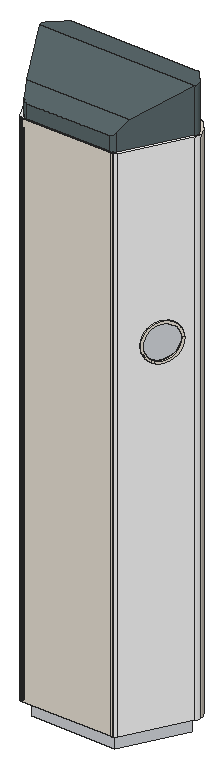
Revit family "Building-RicaricaVeicoliElettrici-GEWISS-JOINON-ION_PAVIMENTO-EV-R", category Apparecchi elettrici, Revit 2019
Family settings
  Mantenere orientamento annotazione = No
  Quota connettore circolare = Usa diametro
  Tipo di parte = Normale
  Numero OmniClass = 23.80.00.00
  Titolo OmniClass = Electric Power and Lighting
  Basato su piano di lavoro = No
  Sempre verticale = Sì
  Taglio con vuoti quando caricato = No
  Condiviso = No
  Punto di calcolo locali = Sì
Parameters (values of type "GWJ1023W100 - COL. JOINON RFID 22 KW 2XT2S+SC 3G EV-R")
  sp_y [instance] = 2300 mm
  sp_x [instance] = 1600 mm
  sp_effettivo_y [instance] = 4000 mm - sp_y  # 1700 mm
  sp_effettivo_x [instance] = 4000 mm - sp_x  # 2400 mm
  r4 = 18.00°
  r2 = 79.00°
  h2 = 1392 mm  # constant formula
  ang1 = 62.2233°
  Versione file RFA = "19.4"
  URL = "https://www.gewiss.com/it/it"
  Trattamento superficiale = ""
  Trattamento esterno = "Anti-corrosione ed anti-graffito"
  Tipologia presa = ""
  Tipologia di installazione = ""
  Tipo di protezione differenziale = "40 A - 4P - Tipo B"
  Tipo di installazione e montaggio = "A pavimento"
  Testa = Testa
  Tensione nominale di isolamento (Ui) = "400 Volt"
  Tensione nominale = "400 Volt"
  Temperatura di utilizzo = "-25 +50 °C"
  Simbolo_visibile [instance] = yes
  Riarmo protezioni da remoto = "No"
  Resistenza agli urti = "IK10"
  Protezioni = "Magnetotermico + Diff. Tipo B"
  Protezione magnetotermica = "40A - 4P - Curva D"
  Protezione differenziale = ""
  Produttore = "GEWISS S.p.A."
  Prese di ricarica (EN62196) = ""
  Potenza max. = "22 kW per socket (2,3 kW per Tipo F)"
  Potenza massima per presa = ""
  Potenza di ricarica = "22 kW + 22 kW"
  Potenza complessiva: = "44 Chilowatt"
  Personalizzabile: = "SI (frontale)"
  OUTPUT : = "-"
  Numero di prese (tipo) = "2 (Tipo 2 anti-vandalo,  con shutter) + 2 (Tipo F)"
  N. Prese Tipo 2 = "2 (+2 prese domestiche tipo F)"
  Morsettiera: = "5 x 35 mm²"
  Modo di ricarica (EN 61851) : = ""
  Modello = "GWJ1023W100"
  Materiale = "Lamiera d'acciaio"
  Lettore RFID = "Si"
  Laterali = Laterali
  Immagine tipo = ION_PAVIM.jpg
  INPUT: = "-"
  IDF = "2821c7d1-cd63-47cd-9342-b4f1b15777c0"
  Human Interface = "LED RGB e TFT Display"
  H1 = 1550 mm
  Grado di protezione = "IP54"
  Descrizione = "COL. JOINON RFID 22 KW 2XT2S+SC 3G EV-R"
  DC Leakage check = "Non necessario"
  Creato da GEWISS S.p.A. = ""
  Corrente nominale: = "64 Ampere"
  Corrente massima per presa = ""
  Corrente in ingresso = ""
  Corrente erogata (max) = "32 A per socket (10 A per Tipo F)"
  Corpo = Corpo
  Contatore di energia = "SI (Tipo MID)"
  ConnettivitÃ : = "LAN, WIFI, 4G"
  ConnettivitÃ  = ""
  Comunicazione = "Kit Ethernet e Modem 4G con antenna di potenziamento"
  Colore esterno = ""
  Colore = "Grigio, Testata RAL 7011"
  Codice Electrocod = ""
  Caratteristiche meccaniche = "-"
  COBie.Tagnumber = ""
  COBie.CreatedOn = ""
  COBie.CreatebBy = ""
  COBie.ComponentRegisterItemID = ""
  COBie.Component.TagNumber = ""
  COBie.Component.Space = ""
  COBie.Component.SerialNumber = ""
  COBie.Component.InstallationDate = ""
  COBie.Component.Description = ""
  COBie.Component.BarCode = ""
  C = "a=b"
  Bordo_simbolo_visibile [instance] = yes
  Attivazione ricarica = "Gestito da remoto, via OCPP 1.6J"
  Alimentazione (entra-esci) = ""
Types (17, lengths in mm): name | Trattamento superficiale | Tipologia presa | Tipologia di installazione | Tipo di protezione differenziale | Tensione nominale di isolamento (Ui) | Tensione nominale | Protezione magnetotermica | Protezione differenziale | Prese di ricarica (EN62196) | Potenza max. | Potenza massima per presa | Potenza di ricarica | Potenza complessiva: | Numero di prese (tipo) | N. Prese Tipo 2 | Morsettiera: | Modo di ricarica (EN 61851) : | Modello | Lettore RFID | Grado di protezione | Descrizione | Corrente nominale: | Corrente massima per presa | Corrente in ingresso | Corrente erogata (max) | Contatore di energia | ConnettivitÃ : | ConnettivitÃ  | Comunicazione | Colore esterno | Codice Electrocod | Attivazione ricarica | Alimentazione (entra-esci)
  (no name) | "Verniciatura superficiale anti-graffiti" | "Tipo 2" | "A pavimento (basamento di fissaggio già incluso in dotazione)" | "40 A - 4P - Tipo B" | "400 Volt" | "400 Volt" | "40A - 4P - Curva D" | "40A - 4P - Tipo B" | "2 x Tipo 2" | "22 kW per socket (2,3 kW per Tipo F)" | "22 kW + 22 kW" | "22 kW + 22 kW" | "44 Chilowatt" | "2 (Tipo 2 anti-vandalo,  con shutter) + 2 (Tipo F)" | "2 (+2 prese domestiche tipo F)" | "5 x 35 mm²" | "Modo 3" | "GWJ1023W100" | "Si" | "IP54" | "COL. JOINON RFID 22 KW 2XT2S+SC 3G EV-R" | "64 Ampere" | "32 A + 32 A" | "64 Ampere" | "32 A per socket (10 A per Tipo F)" | "SI (Tipo MID)" | "LAN, WIFI, 4G" | "OCPP 1.6 SOAP" | "Kit Ethernet e Modem 4G con antenna di potenziamento" | "Chassie Grigio, Cappello RAL7011" | "2242" | "Gestito da remoto, via OCPP 1.6J" | "Trifase 35 mm²"
  GWJ1001A100 - COL.JOINON AUTOSTART 7,4 kW 2xT2S EV-R | "Verniciatura superficiale anti-graffiti" | "Tipo 2" | "A pavimento (basamento di fissaggio già incluso in dotazione)" | "40 A - 2P - Tipo B" | "230 Volt" | "230 Volt" | "40A - 2P - Curva D" | "40A - 2P - Tipo B" | "2 x Tipo 2" | "7,4 kW per socket" | "7,4 kW + 7,4 kW" | "7,4 kW + 7,4 kW" | "15 Chilowatt" | "2 (Tipo 2 con shutter)" | "2" | "3 x 35 mm²" | "Modo 3" | "GWJ1001A100" | "No" | "IP55" | "COL.JOINON AUTOSTART 7,4 kW 2xT2S EV-R" | "64 Ampere" | "32 A + 32 A" | "64 Ampere" | "32 A per socket" | "No" | "No" | "" | "" | "Chassie Grigio, Cappello RAL7011" | "2242" | "Accesso Libero" | "Monofase 35 mm²"
  GWJ1002A100 - COL.JOINON AUTOSTART 11 kW 2xT2S EV-R | "Verniciatura superficiale anti-graffiti" | "" | "A pavimento (basamento di fissaggio già incluso in dotazione)" | "20 A - 4P - Tipo B" | "400 Volt" | "400 Volt" | "20A - 4P - Curva D" | "20A - 4P - Tipo B" | "2 x Tipo 2" | "11 kW per socket" | "11 kW + 11 kW" | "11 kW + 11 kW" | "22 Chilowatt" | "2 (Tipo 2 con shutter)" | "2" | "5 x 16 mm²" | "Modo 3" | "GWJ1002A100" | "No" | "IP55" | "COL.JOINON AUTOSTART 11 kW 2xT2S EV-R" | "32 Ampere" | "16 A + 16 A" | "32 Ampere" | "16 A per socket" | "No" | "No" | "" | "" | "Chassie Grigio, Cappello RAL7011" | "2242" | "Accesso Libero" | "Trifase 35 mm²"
  GWJ1003A100 - COL.JOINON AUTOSTART 22 kW 2xT2S EV-R | "Verniciatura superficiale anti-graffiti" | "" | "A pavimento (basamento di fissaggio già incluso in dotazione)" | "40 A - 4P - Tipo B" | "400 Volt" | "400 Volt" | "40A - 4P - Curva D" | "40A - 4P - Tipo B" | "2 x Tipo 2" | "22 kW per socket" | "22 kW + 22 kW" | "22 kW + 22 kW" | "44 Chilowatt" | "2 (Tipo 2 con shutter)" | "2" | "5 x 35 mm²" | "Modo 3" | "GWJ1003A100" | "No" | "IP55" | "COL.JOINON AUTOSTART 22 kW 2xT2S EV-R" | "64 Ampere" | "32 A + 32 A" | "64 Ampere" | "32 A per socket" | "No" | "No" | "" | "" | "Chassie Grigio, Cappello RAL7011" | "2242" | "Accesso Libero" | "Trifase 35 mm²"
  GWJ1001R100 - COL. JOINON RFID 7,4 kW 2xT2S EV-R | "Verniciatura superficiale anti-graffiti" | "" | "A pavimento (basamento di fissaggio già incluso in dotazione)" | "40 A - 2P - Tipo B" | "230 Volt" | "230 Volt" | "40A - 2P - Curva D" | "40A - 2P - Tipo B" | "2 x Tipo 2" | "7,4 kW per socket" | "7,4 kW + 7,4 kW" | "7,4 kW + 7,4 kW" | "15 Chilowatt" | "2 (Tipo 2 anti-vandalo,  con shutter)" | "2" | "3 x 35 mm²" | "Modo 3" | "GWJ1001R100" | "Si" | "IP55" | "COL. JOINON RFID 7,4 kW 2xT2S EV-R" | "64 Ampere" | "32 A + 32 A" | "64 Ampere" | "32 A per socket" | "SI (Tipo MID)" | "No" | "" | "" | "Chassie Grigio, Cappello RAL7011" | "2242" | "Gestito localmente, via RFID" | "Monofase 35 mm²"
  GWJ1002R100 - COL.JOINON RFID 11 kW 2xT2S EV-R | "Verniciatura superficiale anti-graffiti" | "" | "A pavimento (basamento di fissaggio già incluso in dotazione)" | "20 A - 4P - Tipo B" | "400 Volt" | "400 Volt" | "20A - 4P - Curva D" | "20A - 4P - Tipo B" | "2 x Tipo 2" | "11 kW per socket" | "11 kW + 11 kW" | "11 kW + 11 kW" | "22 Chilowatt" | "2 (Tipo 2 anti-vandalo,  con shutter)" | "2" | "5 x 16 mm²" | "Modo 3" | "GWJ1002R100" | "Si" | "IP55" | "COL.JOINON RFID 11 kW 2xT2S EV-R" | "32 Ampere" | "16 A + 16 A" | "32 Ampere" | "16 A per socket" | "SI (Tipo MID)" | "No" | "" | "" | "Chassie Grigio, Cappello RAL7011" | "2242" | "Gestito localmente, via RFID" | "Trifase 35 mm²"
  GWJ1003R100 - COL.JOINON RFID 22 kW 2xT2S EV-R | "Verniciatura superficiale anti-graffiti" | "" | "A pavimento (basamento di fissaggio già incluso in dotazione)" | "40 A - 4P - Tipo B" | "400 Volt" | "400 Volt" | "40A - 4P - Curva D" | "40A - 4P - Tipo B" | "2 x Tipo 2" | "22 kW per socket" | "22 kW + 22 kW" | "22 kW + 22 kW" | "44 Chilowatt" | "2 (Tipo 2 anti-vandalo,  con shutter)" | "2" | "5 x 35 mm²" | "Modo 3" | "GWJ1003R100" | "Si" | "IP55" | "COL.JOINON RFID 22 kW 2xT2S EV-R" | "64 Ampere" | "32 A + 32 A" | "64 Ampere" | "32 A per socket" | "SI (Tipo MID)" | "No" | "" | "" | "Chassie Grigio, Cappello RAL7011" | "2242" | "Gestito localmente, via RFID" | "Trifase 35 mm²"
  GWJ1001L100 - COL.JOINON RFID 7,4 KW 2XT2S - ETH EV-R | "Verniciatura superficiale anti-graffiti" | "" | "A pavimento (basamento di fissaggio già incluso in dotazione)" | "40 A - 2P - Tipo B" | "230 Volt" | "230 Volt" | "40A - 2P - Curva D" | "40A - 2P - Tipo B" | "2 x Tipo 2" | "7,4 kW per socket" | "7,4 kW + 7,4 kW" | "7,4 kW + 7,4 kW" | "15 Chilowatt" | "2 (Tipo 2 anti-vandalo,  con shutter)" | "2" | "3 x 35 mm²" | "Modo 3" | "GWJ1001L100" | "Si" | "IP55" | "COL.JOINON RFID 7,4 KW 2XT2S - ETH EV-R" | "64 Ampere" | "32 A + 32 A" | "64 Ampere" | "32 A per socket" | "SI (Tipo MID)" | "LAN" | "OCPP 1.6 SOAP" | "Kit Ethernet" | "Chassie Grigio, Cappello RAL7011" | "2242" | "Gestito da remoto, via OCPP 1.6J" | "Monofase 35 mm²"
  GWJ1002L100 - COL.JOINON RFID 11 KW 2XT2S - ETH EV-R | "Verniciatura superficiale anti-graffiti" | "" | "A pavimento (basamento di fissaggio già incluso in dotazione)" | "20 A - 4P - Tipo B" | "400 Volt" | "400 Volt" | "20A - 4P - Curva D" | "20A - 4P - Tipo B" | "2 x Tipo 2" | "11 kW per socket" | "11 kW + 11 kW" | "11 kW + 11 kW" | "22 Chilowatt" | "2 (Tipo 2 anti-vandalo,  con shutter)" | "2" | "5 x 16 mm²" | "Modo 3" | "GWJ1002L100" | "Si" | "IP55" | "COL.JOINON RFID 11 KW 2XT2S - ETH EV-R" | "32 Ampere" | "16 A + 16 A" | "32 Ampere" | "16 A per socket" | "SI (Tipo MID)" | "LAN" | "OCPP 1.6 SOAP" | "Kit Ethernet" | "Chassie Grigio, Cappello RAL7011" | "2242" | "Gestito da remoto, via OCPP 1.6J" | "Trifase 35 mm²"
  GWJ1003L100 - COL.JOINON RFID 22 KW 2XT2S - ETH EV-R | "Verniciatura superficiale anti-graffiti" | "" | "A pavimento (basamento di fissaggio già incluso in dotazione)" | "40 A - 4P - Tipo B" | "400 Volt" | "400 Volt" | "40A - 4P - Curva D" | "40A - 4P - Tipo B" | "2 x Tipo 2" | "22 kW per socket" | "22 kW + 22 kW" | "22 kW + 22 kW" | "44 Chilowatt" | "2 (Tipo 2 anti-vandalo,  con shutter)" | "2" | "5 x 35 mm²" | "Modo 3" | "GWJ1003L100" | "Si" | "IP55" | "COL.JOINON RFID 22 KW 2XT2S - ETH EV-R" | "64 Ampere" | "32 A + 32 A" | "64 Ampere" | "32 A per socket" | "SI (Tipo MID)" | "LAN" | "OCPP 1.6 SOAP" | "Kit Ethernet" | "Chassie Grigio, Cappello RAL7011" | "2242" | "Gestito da remoto, via OCPP 1.6J" | "Trifase 35 mm²"
  GWJ1001W100 - COL.JOINON RFID 7,4 KW 2XT2S - 3G EV-R | "Verniciatura superficiale anti-graffiti" | "" | "A pavimento (basamento di fissaggio già incluso in dotazione)" | "40 A - 2P - Tipo B" | "230 Volt" | "230 Volt" | "40A - 2P - Curva D" | "40A - 2P - Tipo B" | "2 x Tipo 2" | "7,4 kW per socket" | "7,4 kW + 7,4 kW" | "7,4 kW + 7,4 kW" | "15 Chilowatt" | "2 (Tipo 2 anti-vandalo,  con shutter)" | "2" | "3 x 35 mm²" | "Modo 3" | "GWJ1001W100" | "Si" | "IP55" | "COL.JOINON RFID 7,4 KW 2XT2S - 3G EV-R" | "64 Ampere" | "32 A + 32 A" | "64 Ampere" | "32 A per socket" | "SI (Tipo MID)" | "LAN, WIFI, 4G" | "OCPP 1.6 SOAP" | "Kit Ethernet e Modem 4G con antenna di potenziamento" | "Chassie Grigio, Cappello RAL7011" | "2242" | "Gestito da remoto, via OCPP 1.6J" | "Monofase 35 mm²"
  GWJ1002W100 - COL.JOINON RFID 11 KW 2XT2S - 3G EV-R | "Verniciatura superficiale anti-graffiti" | "" | "A pavimento (basamento di fissaggio già incluso in dotazione)" | "20 A - 4P - Tipo B" | "400 Volt" | "400 Volt" | "20A - 4P - Curva D" | "20A - 4P - Tipo B" | "2 x Tipo 2" | "11 kW per socket" | "11 kW + 11 kW" | "11 kW + 11 kW" | "22 Chilowatt" | "2 (Tipo 2 anti-vandalo,  con shutter)" | "2" | "5 x 16 mm²" | "Modo 3" | "GWJ1002W100" | "Si" | "IP55" | "COL.JOINON RFID 11 KW 2XT2S - 3G EV-R" | "32 Ampere" | "16 A + 16 A" | "32 Ampere" | "16 A per socket" | "SI (Tipo MID)" | "LAN, WIFI, 4G" | "OCPP 1.6 SOAP" | "Kit Ethernet e Modem 4G con antenna di potenziamento" | "Chassie Grigio, Cappello RAL7011" | "2242" | "Gestito da remoto, via OCPP 1.6J" | "Trifase 35 mm²"
  GWJ1003W100 - COL.JOINON RFID 22 KW 2XT2S - 3G EV-R | "Verniciatura superficiale anti-graffiti" | "" | "A pavimento (basamento di fissaggio già incluso in dotazione)" | "40 A - 4P - Tipo B" | "400 Volt" | "400 Volt" | "40A - 4P - Curva D" | "40A - 4P - Tipo B" | "2 x Tipo 2" | "22 kW per socket" | "22 kW + 22 kW" | "22 kW + 22 kW" | "44 Chilowatt" | "2 (Tipo 2 anti-vandalo,  con shutter)" | "2" | "5 x 35 mm²" | "Modo 3" | "GWJ1003W100" | "Si" | "IP55" | "COL.JOINON RFID 22 KW 2XT2S - 3G EV-R" | "64 Ampere" | "32 A + 32 A" | "64 Ampere" | "32 A per socket" | "SI (Tipo MID)" | "LAN, WIFI, 4G" | "OCPP 1.6 SOAP" | "Kit Ethernet e Modem 4G con antenna di potenziamento" | "Chassie Grigio, Cappello RAL7011" | "2242" | "Gestito da remoto, via OCPP 1.6J" | "Trifase 35 mm²"
  GWJ1021R100 - COL. JOINON RFID 7,4 kW 2xT2S+SC EV-R | "" | "" | "" | "40 A - 2P - Tipo B" | "230 Volt" | "230 Volt" | "40A - 2P - Curva D" | "" | "" | "7,4 kW per socket (2,3 kW per Tipo F)" | "" | "7,4 kW + 7,4 kW" | "15 Chilowatt" | "2 (Tipo 2 anti-vandalo,  con shutter) + 2 (Tipo F)" | "2 (+2 prese domestiche tipo F)" | "3 x 35 mm²" | "" | "GWJ1021R100" | "Si" | "IP54" | "COL. JOINON RFID 7,4 kW 2xT2S+SC EV-R" | "64 Ampere" | "" | "" | "32 A per socket (10 A per Tipo F)" | "SI (Tipo MID)" | "No" | "" | "" | "" | "" | "Gestito localmente, via RFID" | ""
  GWJ1023R100 - COL. JOINON RFID 22 kW 2xT2S+SC EV-R | "" | "" | "" | "40 A - 4P - Tipo B" | "400 Volt" | "400 Volt" | "40A - 4P - Curva D" | "" | "" | "22 kW per socket (2,3 kW per Tipo F)" | "" | "22 kW + 22 kW" | "44 Chilowatt" | "2 (Tipo 2 anti-vandalo,  con shutter) + 2 (Tipo F)" | "2 (+2 prese domestiche tipo F)" | "5 x 35 mm²" | "" | "GWJ1023R100" | "Si" | "IP54" | "COL. JOINON RFID 22 kW 2xT2S+SC EV-R" | "64 Ampere" | "" | "" | "32 A per socket (10 A per Tipo F)" | "SI (Tipo MID)" | "No" | "" | "" | "" | "" | "Gestito localmente, via RFID" | ""
  GWJ1021W100 - COL. JOINON RFID 7,4 KW 2XT2S+SC-3G EV-R | "" | "" | "" | "40 A - 2P - Tipo B" | "230 Volt" | "230 Volt" | "40A - 2P - Curva D" | "" | "" | "7,4 kW per socket (2,3 kW per Tipo F)" | "" | "7,4 kW + 7,4 kW" | "15 Chilowatt" | "2 (Tipo 2 anti-vandalo,  con shutter) + 2 (Tipo F)" | "2 (+2 prese domestiche tipo F)" | "3 x 35 mm²" | "" | "GWJ1021W100" | "Si" | "IP54" | "COL. JOINON RFID 7,4 KW 2XT2S+SC-3G EV-R" | "64 Ampere" | "" | "" | "32 A per socket (10 A per Tipo F)" | "SI (Tipo MID)" | "LAN, WIFI, 4G" | "" | "Kit Ethernet e Modem 4G con antenna di potenziamento" | "" | "" | "Gestito da remoto, via OCPP 1.6J" | ""
  GWJ1023W100 - COL. JOINON RFID 22 KW 2XT2S+SC 3G EV-R | "" | "" | "" | "40 A - 4P - Tipo B" | "400 Volt" | "400 Volt" | "40A - 4P - Curva D" | "" | "" | "22 kW per socket (2,3 kW per Tipo F)" | "" | "22 kW + 22 kW" | "44 Chilowatt" | "2 (Tipo 2 anti-vandalo,  con shutter) + 2 (Tipo F)" | "2 (+2 prese domestiche tipo F)" | "5 x 35 mm²" | "" | "GWJ1023W100" | "Si" | "IP54" | "COL. JOINON RFID 22 KW 2XT2S+SC 3G EV-R" | "64 Ampere" | "" | "" | "32 A per socket (10 A per Tipo F)" | "SI (Tipo MID)" | "LAN, WIFI, 4G" | "" | "Kit Ethernet e Modem 4G con antenna di potenziamento" | "" | "" | "Gestito da remoto, via OCPP 1.6J" | ""
Reference planes
  plane 1 "Centro (Fronte/Retro)": y = 0
  plane 2: z = 0
  plane 3 "Centro (Sinistra/Destra)": x = 0
  plane 4: y = 88.499
  plane 5: through (187.624, 77.783, 1200) normal (0.766, 0.6428, 0)
  plane 6 "aaa": through (149.207, -98.517, 1200) normal (-0.8848, 0.466, 0)
  plane 7: y = -136.942
  plane 8: through (93.796, -186.551, 1200) normal (-0.8848, 0.466, 0)
  plane 9: through (126.742, 137.893, 1200) normal (0.766, 0.6428, 0)
  plane 10: y = 80.499
  plane 11: through (-136.146, -121.454, 1200) normal (-0.8814, -0.4723, 0)
  plane 12: through (-129.095, -117.675, 1200) normal (-0.8814, -0.4723, 0)
  plane 13: y = -136.942
  plane 14: through (-187.339, 77.783, 1200) normal (0.766, -0.6428, 0)
  plane 15: through (-106.81, 161.308, 1200) normal (0.766, -0.6428, 0)
  plane 16: through (-94.553, 151.023, 1200) normal (0.766, -0.6428, 0)
  plane 17: y = 64.499
  plane 18: through (-56.197, -219.844, 1200) normal (-0.8814, -0.4723, 0)
  plane 19: y = -120.942
  plane 20: through (79.64, -179.095, 1200) normal (-0.8848, 0.466, 0)
  plane 21: through (114.485, 127.609, 1200) normal (0.766, 0.6428, 0)
  plane 22: z = 41
  plane 23: through (0, 64.499, 1353.022) normal (0, 0.1866, -0.9824)
  plane 24: z = 1433
  plane 25: z = 1550
  plane 26: x = -216.624
  plane 27: x = 212.265
  plane 28: z = 964
  plane 29: y = -47.527
  plane 30: through (26.919, -19.885, 1200) normal (-0.8848, 0.466, 0)
  plane 31: x = -2400
  plane 32: x = 0
  plane 33: y = 0
  plane 34: y = -1700
  plane 35: through (-365.806, -4572, 246.412) normal (-0.9925, 0, 0.1219)
  plane 36: through (208.523, -4572, 1550) normal (0.9816, 0, 0.1908)
Forms (mm)
  Extrusion 1, solid, material "Corpo" <- "Corpo"
    sketch origin (0, 0, 0) x (1, 0, 0) y (0, 1, 0)
      loop
        arc (-164.358, 88.499) -> (-177.036, 85.688) -> (-187.339, 77.783) r 30
        line (-187.339, 77.783) -> (-211.243, 49.296)
        arc (-211.243, 49.296) -> (-214.96, 43.1) -> (-216.572, 36.056) r 23
        line (-216.572, 36.056) -> (-208.544, 36.056)
        arc (-208.544, 36.056) -> (-207.436, 40.362) -> (-205.114, 44.154) r 15
        line (-205.114, 44.154) -> (-181.211, 72.64)
        arc (-181.211, 72.64) -> (-173.655, 78.438) -> (-164.358, 80.499) r 22
        line (-164.358, 80.499) -> (167.173, 80.499)
        arc (167.173, 80.499) -> (174.177, 78.946) -> (179.868, 74.58) r 16.572
        line (179.868, 74.58) -> (205.886, 43.573)
        arc (205.886, 43.573) -> (207.886, 40.313) -> (208.849, 36.612) r 12.979
        line (208.849, 36.612) -> (215.413, 36.612)
        arc (215.413, 36.612) -> (213.395, 45.008) -> (208.925, 52.397) r 28.134
        line (208.925, 52.397) -> (187.882, 77.474)
        arc (187.882, 77.474) -> (177.283, 85.608) -> (164.24, 88.499) r 30.863
        line (164.24, 88.499) -> (-164.358, 88.499)
      loop
        arc (-113.738, -136.942) -> (-115.978, -136.638) -> (-118.056, -135.749) r 8.406
        line (-118.056, -135.749) -> (-121.637, -141.73)
        arc (-121.637, -141.73) -> (-119.495, -142.307) -> (-117.286, -142.501) r 12.666
        line (-117.286, -142.501) -> (117.916, -142.501)
        arc (117.916, -142.501) -> (120.37, -142.275) -> (122.741, -141.606) r 13.462
        line (122.741, -141.606) -> (119.581, -136.371)
        arc (119.581, -136.371) -> (118.593, -136.797) -> (117.527, -136.942) r 3.975
        line (117.527, -136.942) -> (-113.738, -136.942)
    from 41 to 1433
  Extrusion 2, solid
    sketch origin (0, 0, 0) x (1, 0, 0) y (0, 1, 0)
      loop
        line (-167.156, 64.499) -> (-192.422, 34.387) -> (-109.192, -120.942) -> (110.27, -120.942) -> (192.325, 34.843) -> (167.44, 64.499) -> (-167.156, 64.499)
    from 0 to 41
  Extrusion 3, solid, material "Testa" <- "Testa"
    sketch origin (0, 0, 0) x (1, 0, 0) y (0, 1, 0)
      loop
        line (-179.113, 75.141) -> (-205.114, 44.154)
        arc (-205.114, 44.154) -> (-208.544, 36.056) -> (-206.845, 27.427) r 15
        line (-206.845, 27.427) -> (-123.012, -129.027)
        arc (-123.012, -129.027) -> (-117.496, -134.812) -> (-109.791, -136.942) r 15
        line (-109.791, -136.942) -> (110.873, -136.942)
        arc (110.873, -136.942) -> (118.624, -134.785) -> (124.145, -128.933) r 15
        line (124.145, -128.933) -> (206.794, 27.98)
        arc (206.794, 27.98) -> (208.437, 36.568) -> (205.013, 44.613) r 15
        line (205.013, 44.613) -> (179.397, 75.141)
        arc (179.397, 75.141) -> (174.246, 79.094) -> (167.906, 80.499) r 15
        line (167.906, 80.499) -> (-167.622, 80.499)
        arc (-167.622, 80.499) -> (-173.961, 79.094) -> (-179.113, 75.141) r 15
    from 1433 to 1550
  Extrusion 4, void
    sketch origin (0, 0, 0) x (0, 1, 0) y (0, 0, 1)
      loop
        line (27.427, 1550) -> (-136.942, 1550) -> (-136.942, 1469.305) -> (-104.13, 1502.117) -> (27.427, 1550)
    from -216.624 to 212.265
  Extrusion 5, void
    sketch origin (157.424, -82.918, 0) x (-0.466026, -0.884771, 0) y (0, 0, 1)
      loop
        circle (-39.951, 964) r 45
    from 0 to 46.672
  Extrusion 6, solid, material "Corpo" <- "Corpo"
    sketch origin (157.424, -82.918, 0) x (-0.466026, -0.884771, 0) y (0, 0, 1)
      loop
        circle (-39.951, 964) r 45
      loop
        circle (-39.951, 964) r 50
    from -8.324 to 144.842
  Extrusion 7, solid
    sketch origin (157.424, -82.918, 0) x (-0.466026, -0.884771, 0) y (0, 0, 1)
      loop
        circle (-39.951, 964) r 45
    from 0 to 144.842
  Extrusion 8, solid, material "Laterali" <- "Laterali"
    sketch origin (0, 0, 0) x (1, 0, 0) y (0, 1, 0)
      loop
        line (129.826, -135.313) -> (212.265, 21.201)
        arc (212.265, 21.201) -> (214.938, 28.682) -> (215.413, 36.612) r 28.134
        line (215.413, 36.612) -> (208.849, 36.612)
        arc (208.849, 36.612) -> (208.691, 32.791) -> (207.427, 29.181) r 12.979
        line (207.427, 29.181) -> (121.044, -134.82)
        arc (121.044, -134.82) -> (120.418, -135.695) -> (119.581, -136.371) r 3.975
        line (119.581, -136.371) -> (122.741, -141.606)
        arc (122.741, -141.606) -> (126.856, -139.104) -> (129.826, -135.313) r 13.462
    from 41 to 1433
  Extrusion 9, solid, material "Laterali" <- "Laterali"
    sketch origin (0, 0, 0) x (1, 0, 0) y (0, 1, 0)
      loop
        arc (-128.45, -135.817) -> (-125.588, -139.401) -> (-121.637, -141.73) r 12.666
        line (-121.637, -141.73) -> (-118.056, -135.749)
        arc (-118.056, -135.749) -> (-119.822, -134.337) -> (-121.148, -132.506) r 8.406
        line (-121.148, -132.506) -> (-206.845, 27.427)
        arc (-206.845, 27.427) -> (-208.341, 31.614) -> (-208.544, 36.056) r 15
        line (-208.544, 36.056) -> (-216.572, 36.056)
        arc (-216.572, 36.056) -> (-216.107, 29.664) -> (-213.897, 23.649) r 23
        line (-213.897, 23.649) -> (-128.45, -135.817)
    from 41 to 1433
  Extrusion 10, void
    sketch origin (-157.424, -82.918, 0) x (0.466026, -0.884771, 0) y (0, 0, -1)
      loop
        circle (-39.951, -964) r 45
    from 0 to 46.672
  Extrusion 11, solid
    sketch origin (-157.424, -82.918, 0) x (0.466026, -0.884771, 0) y (0, 0, -1)
      loop
        circle (-39.951, -964) r 45
      loop
        circle (-39.951, -964) r 50
    from -8.324 to 144.842
Cuts and joins
  Extrusion 4, Extrusion 5, Extrusion 10 cuts Extrusion 1
  Extrusion 10 cuts Extrusion 6
  joined: Extrusion 1, Extrusion 6
  Extrusion 4 cuts Extrusion 3
  Extrusion 5, Extrusion 10 cuts Extrusion 8
  Extrusion 10 cuts Extrusion 7
  Extrusion 10 cuts Extrusion 11
Lines and regions (mm)
  symbolic lines
    curve 1: line (0, -2584.937, -29.02) -> (0, -2434.937, -29.02)
    curve 2: line (0, -136.942, 1453) -> (0, -136.942, 1433)
  model lines
    curve 3: line (138.783, -118.309, 1358.658) -> (213.347, 23.254, 1393)
    curve 4: line (213.347, 23.254, 1393) -> (213.347, 23.254, 73)
    curve 5: line (213.347, 23.254, 73) -> (138.783, -118.309, 73)
    curve 6: line (138.783, -118.309, 73) -> (138.783, -118.309, 1358.658)
    curve 7: line (-138.783, -118.309, 1358.658) -> (-213.347, 23.254, 1393)
    curve 8: line (-213.347, 23.254, 1393) -> (-213.347, 23.254, 73)
    curve 9: line (-213.347, 23.254, 73) -> (-138.783, -118.309, 73)
    curve 10: line (-138.783, -118.309, 73) -> (-138.783, -118.309, 1358.658)
Text (mm)
  text "axb=c" at (178.989, -154.629, 0), in view "Livello rif."
Dimensions and locks
  locked: plane 4 to plane 10 at 8
  plane 5 to plane 9 = 8 mm
  locked: plane 8 to plane 6 "aaa" at 8
  locked: plane 11 to plane 12 at 8
  locked: plane 15 to plane 14 at 8
  plane 11 to plane 12 = 8 mm
  locked: plane 22 to plane 2 at 41
  plane 25 to plane 2 = 1550 mm
  "h2": plane 24 to plane 22
  plane 31 to plane 3 "Centro (Sinistra/Destra)" = 2400 mm
  "sp_effettivo_x": plane 31 to plane 32
  "sp_effettivo_y": plane 33 to plane 34
  plane 1 "Centro (Fronte/Retro)" to plane 34 = 1700 mm
  radius of Extrusion 3 sketch curve = 15 mm  (x6)
  angle plane 16 to plane 3 "Centro (Sinistra/Destra)" = 40.00°
  "ang1": angle plane 29 to plane 30
  angle plane 16 to plane 18 = 68.1837°
  "r4": angle plane 35 to plane 36
  angle plane 35 to plane 32 = 7.00°
  "r2": angle plane 36 to plane 24
  aligned and locked: level to plane 2
  aligned and locked: plane 15 to Extrusion 1
  aligned and locked: plane 7 to Extrusion 1
  aligned and locked: plane 9 to Extrusion 1
  aligned and locked: plane 22 to Extrusion 2
  aligned and locked: Extrusion 1 to plane 22
  aligned and locked: plane 24 to Extrusion 1
  aligned and locked: Extrusion 3 to plane 24
  aligned and locked: plane 25 to Extrusion 3
  aligned and locked: Extrusion 4 to plane 27
  aligned and locked: plane 26 to Extrusion 4
  aligned and locked: plane 28 to Extrusion 5 sketch curve
  aligned and locked: plane 30 to cut or joined group of Extrusion 1, Extrusion 4, Extrusion 5, Extrusion 6, Extrusion 10
  aligned and locked: cut or joined group of Extrusion 1, Extrusion 4, Extrusion 5, Extrusion 6, Extrusion 10 to Extrusion 7
  aligned and locked: Extrusion 9 to curve 2
  aligned and locked: Extrusion 9 to Extrusion 2
  aligned and locked: Extrusion 8 to Extrusion 2
  aligned and locked: nested 1 to plane 32
  aligned and locked: plane 33 to nested 1
Automatic sketch dimensions
  curve 2 to plane 7 = 0 mm
  curve 1 to level = 29.02 mm
  curve 1 to plane 7 = 2297.995 mm
  curve 1 to curve 1 = 150 mm
  curve 2 to curve 2 = 20 mm
  Extrusion 1 sketch curve to Extrusion 1 sketch curve = 0 mm  (x4)
  plane 14 to Extrusion 1 sketch curve = 0 mm  (x2)
  plane 15 to Extrusion 1 sketch curve = 0 mm  (x2)
  Extrusion 1 sketch curve to plane 10 = 0 mm
  Extrusion 1 sketch curve to plane 7 = 0 mm
  Extrusion 1 sketch curve to plane 9 = 0 mm  (x2)
  Extrusion 1 sketch curve to plane 5 = 0 mm  (x2)
  Extrusion 1 sketch curve to plane 26 = 0.052 mm
  Extrusion 1 sketch curve to plane 26 = 5.381 mm
  Extrusion 1 sketch curve to Extrusion 1 sketch curve = 8.028 mm
  Extrusion 1 sketch curve to Extrusion 1 sketch curve = 6.128 mm
  Extrusion 1 sketch curve to Extrusion 1 sketch curve = 11.491 mm
  Extrusion 1 sketch curve to plane 10 = 2.716 mm
  Extrusion 1 sketch curve to plane 10 = 7.859 mm
  Extrusion 1 sketch curve to Extrusion 1 sketch curve = 16.853 mm
  Extrusion 1 sketch curve to plane 7 = 4.788 mm
  Extrusion 1 sketch curve to plane 26 = 94.986 mm
  plane 7 to Extrusion 1 sketch curve = 1.194 mm
  Extrusion 1 sketch curve to Extrusion 1 sketch curve = 3.581 mm
  Extrusion 1 sketch curve to Extrusion 1 sketch curve = 4.351 mm
  Extrusion 1 sketch curve to Extrusion 1 sketch curve = 3.548 mm
  plane 27 to Extrusion 1 sketch curve = 94.738 mm
  Extrusion 1 sketch curve to Extrusion 1 sketch curve = 0.389 mm
  plane 7 to Extrusion 1 sketch curve = 0.572 mm
  Extrusion 1 sketch curve to Extrusion 1 sketch curve = 2.054 mm
  Extrusion 1 sketch curve to plane 7 = 4.664 mm
  Extrusion 1 sketch curve to Extrusion 1 sketch curve = 4.825 mm
  Extrusion 1 sketch curve to plane 17 = 6.863 mm
  Extrusion 1 sketch curve to plane 17 = 0.572 mm
  Extrusion 1 sketch curve to plane 10 = 5.92 mm
  plane 27 to Extrusion 1 sketch curve = 24.892 mm
  Extrusion 1 sketch curve to plane 10 = 3.025 mm
  Extrusion 1 sketch curve to Extrusion 1 sketch curve = 8.57 mm
  plane 27 to Extrusion 1 sketch curve = 6.379 mm
  plane 27 to Extrusion 1 sketch curve = 3.417 mm
  plane 27 to Extrusion 1 sketch curve = 3.34 mm
  Extrusion 1 sketch curve to plane 27 = 3.148 mm
  Extrusion 1 sketch curve to Extrusion 1 sketch curve = 0.894 mm
  Extrusion 1 sketch curve to Extrusion 1 sketch curve = 9.261 mm
  plane 16 to Extrusion 2 sketch curve = 0 mm  (x2)
  plane 18 to Extrusion 2 sketch curve = 0 mm  (x2)
  Extrusion 2 sketch curve to plane 17 = 0 mm
  Extrusion 2 sketch curve to plane 19 = 0 mm
  Extrusion 2 sketch curve to plane 20 = 0 mm  (x2)
  Extrusion 2 sketch curve to plane 21 = 0 mm  (x2)
  plane 12 to Extrusion 3 sketch curve = 0 mm  (x2)
  plane 15 to Extrusion 3 sketch curve = 0 mm  (x2)
  Extrusion 3 sketch curve to plane 10 = 0 mm
  Extrusion 3 sketch curve to plane 7 = 0 mm
  Extrusion 3 sketch curve to plane 8 = 0 mm  (x2)
  Extrusion 3 sketch curve to plane 9 = 0 mm  (x2)
  Extrusion 3 sketch curve to plane 26 = 11.509 mm
  Extrusion 3 sketch curve to plane 26 = 9.778 mm
  Extrusion 3 sketch curve to plane 10 = 5.358 mm  (x2)
  plane 7 to Extrusion 3 sketch curve = 7.915 mm
  Extrusion 3 sketch curve to plane 19 = 7.99 mm
  plane 27 to Extrusion 3 sketch curve = 7.252 mm
  plane 27 to Extrusion 3 sketch curve = 5.471 mm
  Extrusion 4 sketch curve to plane 7 = 0 mm
  Extrusion 4 sketch curve to plane 25 = 0 mm
  plane 19 to Extrusion 4 sketch curve = 16.813 mm
  Extrusion 4 sketch curve to plane 1 "Centro (Fronte/Retro)" = 27.427 mm
  Extrusion 4 sketch curve to plane 25 = 47.883 mm
  plane 24 to Extrusion 4 sketch curve = 36.305 mm
  curve 3 to plane 24 = 40 mm
  plane 22 to curve 5 = 32 mm
  curve 4 to curve 5 = 160 mm
  curve 6 to plane 24 = 74.342 mm
  curve 7 to plane 24 = 40 mm
  plane 22 to curve 9 = 32 mm
  curve 8 to curve 9 = 160 mm
  curve 10 to plane 24 = 74.342 mm
  Extrusion 6 sketch curve to Extrusion 6 sketch curve = 0 mm  (x12)
  plane 28 to Extrusion 6 sketch curve = 0 mm
  Extrusion 6 sketch curve to Extrusion 6 sketch curve = 45 mm
  Extrusion 6 sketch curve to Extrusion 6 sketch curve = 5 mm
  Extrusion 7 sketch curve to Extrusion 7 sketch curve = 0 mm  (x2)
  plane 28 to Extrusion 7 sketch curve = 0 mm
  Extrusion 7 sketch curve to Extrusion 7 sketch curve = 45 mm
  Extrusion 8 sketch curve to plane 8 = 0 mm  (x2)
  Extrusion 8 sketch curve to plane 6 "aaa" = 0 mm  (x2)
  Extrusion 8 sketch curve to plane 27 = 0 mm
  plane 27 to Extrusion 8 sketch curve = 3.417 mm
  plane 27 to Extrusion 8 sketch curve = 4.838 mm
  Extrusion 8 sketch curve to Extrusion 8 sketch curve = 11.484 mm
  Extrusion 8 sketch curve to Extrusion 8 sketch curve = 8.57 mm
  plane 7 to Extrusion 8 sketch curve = 1.63 mm
  Extrusion 8 sketch curve to plane 7 = 4.664 mm
  Extrusion 8 sketch curve to Extrusion 8 sketch curve = 7.085 mm
  plane 7 to Extrusion 8 sketch curve = 2.122 mm
  plane 7 to Extrusion 8 sketch curve = 0.572 mm
  Extrusion 8 sketch curve to Extrusion 8 sketch curve = 1.463 mm
  Extrusion 8 sketch curve to Extrusion 8 sketch curve = 3.128 mm
  Extrusion 8 sketch curve to Extrusion 8 sketch curve = 0.389 mm
  Extrusion 8 sketch curve to plane 27 = 3.148 mm
  Extrusion 8 sketch curve to Extrusion 8 sketch curve = 5.131 mm
  Extrusion 9 sketch curve to Extrusion 9 sketch curve = 0 mm  (x2)
  plane 11 to Extrusion 9 sketch curve = 0 mm  (x2)
  plane 12 to Extrusion 9 sketch curve = 0 mm  (x2)
  Extrusion 9 sketch curve to plane 26 = 0.052 mm
  Extrusion 9 sketch curve to plane 26 = 2.727 mm
  Extrusion 9 sketch curve to Extrusion 9 sketch curve = 8.028 mm
  Extrusion 9 sketch curve to Extrusion 9 sketch curve = 7.052 mm
  Extrusion 9 sketch curve to Extrusion 9 sketch curve = 14.92 mm
  plane 7 to Extrusion 9 sketch curve = 1.125 mm
  Extrusion 9 sketch curve to plane 7 = 4.788 mm
  Extrusion 9 sketch curve to Extrusion 9 sketch curve = 6.813 mm
  plane 7 to Extrusion 9 sketch curve = 4.436 mm
  plane 7 to Extrusion 9 sketch curve = 1.194 mm
  Extrusion 9 sketch curve to Extrusion 9 sketch curve = 3.092 mm
  Extrusion 9 sketch curve to Extrusion 9 sketch curve = 3.862 mm
  Extrusion 9 sketch curve to Extrusion 9 sketch curve = 3.548 mm
  plane 28 to Extrusion 10 sketch curve = 0 mm
  Extrusion 11 sketch curve to Extrusion 11 sketch curve = 0 mm  (x12)
  plane 28 to Extrusion 11 sketch curve = 0 mm
  Extrusion 11 sketch curve to Extrusion 11 sketch curve = 45 mm
  Extrusion 11 sketch curve to Extrusion 11 sketch curve = 5 mm
  radius of Extrusion 5 sketch curve = 45 mm
  radius of Extrusion 10 sketch curve = 45 mm
Nested families
  nested 1: "simb_torretta" at (0, -125, 0), Bordo simbolo <- "Bordo_simbolo_visibile", Visibilita' simbolo <- "Simbolo_visibile", type "simb_torretta"
Connectors
  electrical at (176.042, -47.571, 964)
    settings: on cut or joined group of Extrusion 5, Extrusion 8, Extrusion 10, index 1, voltage 0 V, apparent load 0 VA, apparent load phase1 0 VA, apparent load phase2 0 VA, apparent load phase3 0 VA, power factor 1, load classification "Altro", number of poles 1, system type 31, power factor state 1, is connector primary yes, connector utility no, sub classification motor no, connector description ""
Definition of nested family "simb_torretta"
  Parameters (values of type "simb_torretta")
    Visibilita' simbolo [instance] = yes
    Bordo simbolo [instance] = yes
  Reference planes
    plane 1 "Centro (Fronte/Retro)": y = 0
    plane 2: z = 0
    plane 3 "Centro (Sinistra/Destra)": x = 0
  Lines and regions (mm)
    detail lines, in view "Livello rif.", visible <- "Bordo simbolo"
      curve 1: line (-96.5, 250, 0) -> (101.5, 250, 0)
      curve 2: line (101.5, 250, 0) -> (101.5, 0, 0)
      curve 3: line (101.5, 0, 0) -> (-96.5, 0, 0)
      curve 4: line (-96.5, 0, 0) -> (-96.5, 250, 0)
      curve 5: line (101.5, 125, 0) -> (91.744, 125, 0)
      curve 6: line (-79.833, 125, 0) -> (-96.5, 125, 0)
    detail lines, in view "Livello rif.", visible <- "Visibilita' simbolo"
      curve 7: line (63.369, 20.256, 0) -> (63.369, 0, 0)
      curve 9: line (-63.369, 20.256, 0) -> (63.369, 20.256, 0)
      curve 10: line (49.772, 20.256, 0) -> (49.772, 185.328, 0)
      curve 11: line (38.072, 197.028, 0) -> (-41.162, 197.028, 0)
      curve 12: line (-52.903, 185.287, 0) -> (-52.903, 20.256, 0)
      curve 13: line (31.542, 136.002, 0) -> (31.542, 177.347, 0)
      curve 14: line (31.542, 177.347, 0) -> (-34.673, 177.347, 0)
      curve 15: line (-34.673, 177.347, 0) -> (-34.673, 136.002, 0)
      curve 16: line (-34.673, 136.002, 0) -> (31.542, 136.002, 0)
      curve 17: line (84.479, 146.299, 0) -> (84.479, 42.731, 0)
      curve 18: line (66.859, 42.731, 0) -> (66.859, 121.971, 0)
      curve 19: line (66.859, 121.971, 0) -> (64.275, 127.282, 0)
      curve 20: line (64.275, 127.282, 0) -> (49.772, 132.307, 0)
      curve 21: line (98.652, 158.145, 0) -> (98.652, 180.875, 0)
      curve 22: line (98.652, 180.875, 0) -> (84.479, 180.875, 0)
      curve 23: line (84.479, 180.875, 0) -> (70.307, 180.875, 0)
      curve 24: line (70.307, 180.875, 0) -> (70.307, 158.145, 0)
      curve 25: line (77.215, 180.875, 0) -> (77.215, 197.35, 0)
      curve 26: line (91.744, 180.875, 0) -> (91.744, 197.35, 0)
      curve 27: line (12.372, 88.819, 0) -> (-11.307, 88.819, 0)
      curve 28: line (-11.307, 88.819, 0) -> (-11.307, 120.192, 0)
      curve 29: line (-11.307, 120.192, 0) -> (12.372, 120.192, 0)
      curve 30: line (-11.307, 105.861, 0) -> (3.96, 105.861, 0)
      curve 31: line (-14.807, 69.865, 0) -> (-1.566, 34.036, 0)
      curve 32: line (-1.566, 34.036, 0) -> (11.676, 69.865, 0)
      curve 33: line (-63.369, 20.256, 0) -> (-63.369, 0, 0)
      curve 34: line (-63.369, 0, 0) -> (63.369, 0, 0)
    detail lines, in view "Livello rif."
      curve 8: line (-96.5, 0, 0) -> (-96.5, 20.256, 0)
      curve 35: arc (-41.162, 197.028, 0) -> (-49.464, 193.589, 0) -> (-52.903, 185.287, 0) r 11.741
      curve 36: arc (49.772, 185.328, 0) -> (46.345, 193.601, 0) -> (38.072, 197.028, 0) r 11.7
      curve 37: arc (70.307, 158.145, 0) -> (84.479, 143.972, 0) -> (98.652, 158.145, 0) r 14.173
      curve 38: arc (66.859, 42.731, 0) -> (75.669, 33.921, 0) -> (84.479, 42.731, 0) r 8.81
